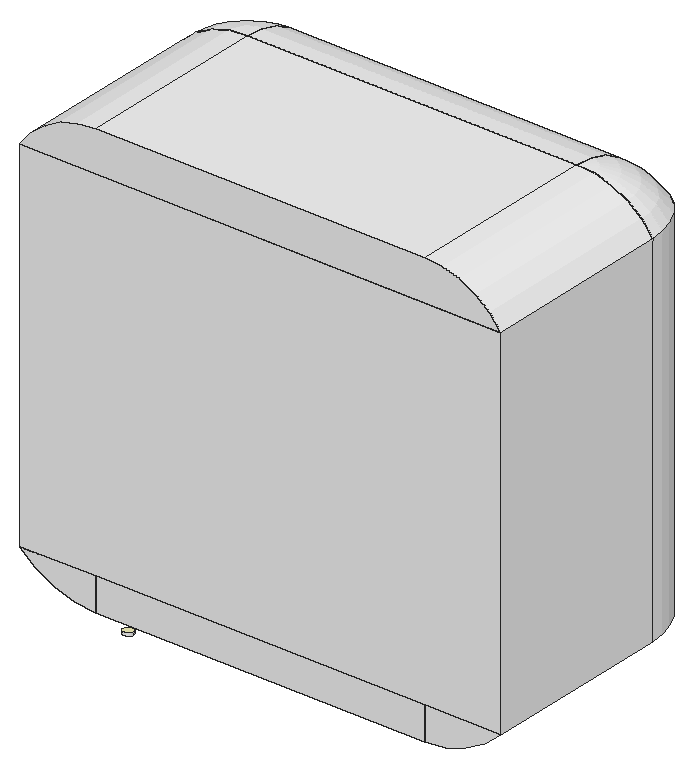
Revit family
Parameters
  Wattage = 2300
  Warranty Duration (Years) = 0
  Voltage = 208
  Upper and Lower Cover Material = ARCAT - Plastic, ABS - White
  Trim Material = ARCAT - Metal - Brass, Polished
  Test Data = ""
  Specification = "http://www.arcat.com/divs/sec/sec10811.shtml"
  Source Company = "Sumex Design"  # constant formula
  Sales Information = ""
  Product Properties = "http://www.arcat.com/bim/bim_info.pl?fn=Hand-Dryer"
  Product Data = "http://www.arcat.com/divs/sec/sec10811.shtml"
  Mounting Height = 3' - 6"
  Motor RPM = 7500
  Motor HP = 0.1
  Model = "Generic"
  Manufacturer Website = ""
  Manufacturer Phone - Toll Free = ""
  Manufacturer Phone = "(203) 929-9444"  # constant formula
  Manufacturer Fax = "(203) 939-2444"  # constant formula
  Manufacturer Email = "bim@arcat.com"  # constant formula
  Manufacturer Address = "1077 Bridgeport Ave, Shelton, CT  06484"  # constant formula
  Manufacturer = "Generic"
  Maintenance Schedule (Months) = 0
  Keynote = "10800"
  Installation-Fabrication = ""
  Installation Phase = "Interior Finishes"
  Green Building-LEED = ""
  Front Cover Material = ARCAT - Metal - Cast Iron, 1/4" Plate
  Expected Lifespan (Years) = 0
  Drying Cycle = "20 Seconds"
  Drawn By = "Robert S. Weygant. CSI, CDT, SCIP"  # constant formula
  Description = "Commercial Bathroom Hand Dryer"
  Copyright = "2007, ARCAT, Inc."  # constant formula
  Construction Details = "http://www.arcat.com/divs/sec/sec10811.shtml"
  Building Codes = ""
  Assembly Code = "C1030200"
  Airflow (LFM) = 7300
  Air Outlet = "{Fixed Nozzle}{Rotating Nozzle}"
Reference planes (in)
  plane 1: z = 0
  plane 2 "Center (Left/Right)": x = 0
  plane 3 "Back": y = 3
  plane 4: z = 42
  plane 5: z = 0
  plane 6: z = 40.99645
  plane 7: z = 40.99645
Forms (in)
  Extrusion 1, solid, material "ARCAT - Metal - Brass, Polished" <- "Trim Material", not visible
    sketch origin (-18.15679, 15.66963, -0.99327) x (-1, 0, 0) y (0, -0.991996, 0.126269)
      loop
        circle (-5.44009, 11.3071) r 0.125
    from 0 to 0.0625
  Revolve 2, solid, material "ARCAT - Metal - Brass, Polished" <- "Trim Material", not visible
    sketch origin (-5.44032, 15.66913, -0.99321) x (0, -0.991996, 0.126269) y (0, -0.126269, -0.991996)
      loop
        line (11.43813, 0.39171) -> (11.31401, 0.37591) -> (11.32557, 0.28512) -> (11.3735, 0.29122)
        arc (11.3735, 0.29122) -> (11.41255, 0.33714) -> (11.43813, 0.39171) r 0.22699
      axis (11.31401, 0.37591) -> (11.32557, 0.28512)
    angle from 0 to 90
  Revolve 3, solid, material "ARCAT - Metal - Brass, Polished" <- "Trim Material", not visible
    sketch origin (-5.44032, 6.94409, 0.11739) x (0, 0.991996, -0.126269) y (0, 0.126269, 0.991996)
      loop
        arc (-2.39444, -0.36011) -> (-2.43288, -0.31369) -> (-2.48218, -0.27901) r 0.22699
        line (-2.48218, -0.27901) -> (-2.53012, -0.28512) -> (-2.51856, -0.37591) -> (-2.39444, -0.36011)
      axis (-2.51856, -0.37591) -> (-2.53012, -0.28512)
    angle from 0 to 90
  Revolve 4, solid, material "ARCAT - Metal - Brass, Polished" <- "Trim Material", not visible
    sketch origin (-5.44032, 6.94409, 0.11739) x (0, 0.991996, -0.126269) y (0, -0.126269, -0.991996)
      loop
        line (-2.39444, 0.36011) -> (-2.51856, 0.37591) -> (-2.53012, 0.28512) -> (-2.48218, 0.27901)
        arc (-2.48218, 0.27901) -> (-2.43288, 0.31369) -> (-2.39444, 0.36011) r 0.22699
      axis (-2.51856, 0.37591) -> (-2.53012, 0.28512)
    angle from 0 to 90
  Revolve 5, solid, material "ARCAT - Metal - Brass, Polished" <- "Trim Material", not visible
    sketch origin (-5.44032, 15.66913, -0.99321) x (0, -0.991996, 0.126269) y (0, 0.126269, 0.991996)
      loop
        line (11.3735, -0.29122) -> (11.32557, -0.28512) -> (11.31401, -0.37591) -> (11.43813, -0.39171)
        arc (11.43813, -0.39171) -> (11.41255, -0.33714) -> (11.3735, -0.29122) r 0.22699
      axis (11.31401, -0.37591) -> (11.32557, -0.28512)
    angle from 0 to 90
  Extrusion 6, solid, material "ARCAT - Metal - Cast Iron, 1/4" Plate" <- "Front Cover Material", not visible
    sketch origin (0, 0, 0) x (1, 0, 0) y (0, 1, 0)
      loop
        line (-12, 3) -> (0, 3) -> (0, 7.75)
        arc (0, 7.75) -> (-0.55298, 9.08501) -> (-1.88798, 9.63798) r 1.88798
        line (-1.88798, 9.63798) -> (-10.11202, 9.63798)
        arc (-10.11202, 9.63798) -> (-11.44702, 9.08501) -> (-12, 7.75) r 1.88798
        line (-12, 7.75) -> (-12, 3)
    from 0 to 9
  Extrusion 7, solid, material "ARCAT - Plastic, ABS - White" <- "Upper and Lower Cover Material", not visible
    sketch origin (0, 1.75, -48) x (1, 0, 0) y (0, 0, -1)
      loop
        line (0, -57) -> (-12, -57)
        arc (-12, -57) -> (-11.18592, -57.74528) -> (-10.11202, -58) r 2.19441
        line (-10.11202, -58) -> (-1.88798, -58)
        arc (-1.88798, -58) -> (-0.81408, -57.74528) -> (0, -57) r 2.19441
    from 1.25 to 6
  Extrusion 8, solid, material "ARCAT - Plastic, ABS - White" <- "Upper and Lower Cover Material", not visible
    sketch origin (-10.11202, 0, -48) x (0, -1, 0) y (0, 0, -1)
      loop
        line (-7.75, -58.0005) -> (-7.75, -57) -> (-9.63798, -57)
        arc (-9.63798, -57) -> (-8.82385, -57.74531) -> (-7.75, -58.0005) r 2.19638
    from 0 to 8.22404
  Revolve 9, solid, material "ARCAT - Plastic, ABS - White" <- "Upper and Lower Cover Material", not visible
    sketch origin (0, 7.75, -48) x (1, 0, 0) y (0, 0, 1)
      loop
        line (-1.88798, 58.0005) -> (-1.88798, 57) -> (0, 57)
        arc (0, 57) -> (-0.81413, 57.74531) -> (-1.88798, 58.0005) r 2.19638
      axis (-1.88798, 57) -> (-1.88798, 58.0005)
    angle from 0 to 90
  Revolve 10, solid, material "ARCAT - Plastic, ABS - White" <- "Upper and Lower Cover Material", not visible
    sketch origin (-12, 7.75, -48) x (-1, 0, 0) y (0, 0, -1)
      loop
        arc (-1.88798, -58.0005) -> (-0.81413, -57.74531) -> (0, -57) r 2.19638
        line (0, -57) -> (-1.88798, -57) -> (-1.88798, -58.0005)
      axis (-1.88798, -57) -> (-1.88798, -58.0005)
    angle from 0 to 90
  Extrusion 11, solid, material "ARCAT - Plastic, ABS - White" <- "Upper and Lower Cover Material", not visible
    sketch origin (-12, 0, -48) x (0, -1, 0) y (0, 0, -1)
      loop
        line (-3, -48) -> (-3, -47.181) -> (-7.75, -47.375)
        arc (-7.75, -47.375) -> (-8.73785, -47.55502) -> (-9.63798, -48) r 3.6124
        line (-9.63798, -48) -> (-3, -48)
    from 1.88798 to 10.11202
  Blend 12, solid, material "ARCAT - Plastic, ABS - White" <- "Upper and Lower Cover Material", not visible
    base sketch origin (0, 8, -48) x (1, 0, 0) y (0, 0, 1)
      loop
        line (0, 48) -> (-1.88798, 48) -> (-1.88798, 47.375)
        arc (-1.88798, 47.375) -> (-0.90442, 47.56797) -> (0, 48) r 3.98946
    top sketch origin (0, 8, -48) x (1, 0, 0) y (0, 0, 1)
      loop
        line (0, 48) -> (-1.88798, 48) -> (-1.88798, 47.181)
        arc (-1.88798, 47.181) -> (-0.861, 47.3992) -> (0, 48) r 2.64304
    from 0.25 to 5
  Revolve 13, solid, material "ARCAT - Plastic, ABS - White" <- "Upper and Lower Cover Material", not visible
    sketch origin (0, 7.75, -48) x (1, 0, 0) y (0, 0, 1)
      loop
        line (0, 48) -> (-1.88798, 48) -> (-1.88798, 47.375)
        arc (-1.88798, 47.375) -> (-0.90442, 47.56797) -> (0, 48) r 3.98946
      axis (-1.88798, 47.375) -> (-1.88798, 48)
    angle from 0 to 90
  Blend 14, solid, material "ARCAT - Plastic, ABS - White" <- "Upper and Lower Cover Material", not visible
    base sketch origin (-12, 8, -48) x (-1, 0, 0) y (0, 0, -1)
      loop
        arc (0, -48) -> (-0.90442, -47.56797) -> (-1.88798, -47.375) r 3.98946
        line (-1.88798, -47.375) -> (-1.88798, -48) -> (0, -48)
    top sketch origin (-12, 8, -48) x (-1, 0, 0) y (0, 0, -1)
      loop
        arc (0, -48) -> (-0.861, -47.3992) -> (-1.88798, -47.181) r 2.64304
        line (-1.88798, -47.181) -> (-1.88798, -48) -> (0, -48)
    from 0.25 to 5
  Revolve 15, solid, material "ARCAT - Plastic, ABS - White" <- "Upper and Lower Cover Material", not visible
    sketch origin (-12, 7.75, -48) x (-1, 0, 0) y (0, 0, -1)
      loop
        arc (0, -48) -> (-0.90442, -47.56797) -> (-1.88798, -47.375) r 3.98946
        line (-1.88798, -47.375) -> (-1.88798, -48) -> (0, -48)
      axis (-1.88798, -47.375) -> (-1.88798, -48)
    angle from 0 to 90
  Extrusion 16, void, not visible
    sketch origin (0, 7.54583, -48.00519) x (1, 0, 0) y (0, -0.040808, 0.999167)
      loop
        line (-2.1541, 47.33239) -> (-2.1541, 47.41731) -> (-9.9041, 47.41731) -> (-9.9041, 47.33239) -> (-2.1541, 47.33239)
    from 0 to 0.125
  Extrusion 17, void, not visible
    sketch origin (0, 6.92557, -48.03052) x (1, 0, 0) y (0, -0.040808, 0.999167)
      loop
        line (-2.1541, 47.33239) -> (-2.1541, 47.41731) -> (-9.9041, 47.41731) -> (-9.9041, 47.33239) -> (-2.1541, 47.33239)
    from 0 to 0.125
  Extrusion 18, void, not visible
    sketch origin (0, 6.3053, -48.05585) x (1, 0, 0) y (0, -0.040808, 0.999167)
      loop
        line (-2.1541, 47.33239) -> (-2.1541, 47.41731) -> (-9.9041, 47.41731) -> (-9.9041, 47.33239) -> (-2.1541, 47.33239)
    from 0 to 0.125
  Extrusion 19, void, not visible
    sketch origin (0, 5.68503, -48.08119) x (1, 0, 0) y (0, -0.040808, 0.999167)
      loop
        line (-2.1541, 47.33239) -> (-2.1541, 47.41731) -> (-9.9041, 47.41731) -> (-9.9041, 47.33239) -> (-2.1541, 47.33239)
    from 0 to 0.125
  Extrusion 20, void, not visible
    sketch origin (0, 5.9878, -48.06882) x (1, 0, 0) y (0, -0.040808, 0.999167)
      loop
        line (-2.1541, 47.33239) -> (-2.1541, 47.41731) -> (-9.9041, 47.41731) -> (-9.9041, 47.33239) -> (-2.1541, 47.33239)
    from 0 to 0.125
  Extrusion 21, void, not visible
    sketch origin (0, 7.24307, -48.01755) x (1, 0, 0) y (0, -0.040808, 0.999167)
      loop
        line (-2.1541, 47.33239) -> (-2.1541, 47.41731) -> (-9.9041, 47.41731) -> (-9.9041, 47.33239) -> (-2.1541, 47.33239)
    from 0 to 0.125
  Extrusion 22, void, not visible
    sketch origin (0, 6.6228, -48.04289) x (1, 0, 0) y (0, -0.040808, 0.999167)
      loop
        line (-2.1541, 47.33239) -> (-2.1541, 47.41731) -> (-9.9041, 47.41731) -> (-9.9041, 47.33239) -> (-2.1541, 47.33239)
    from 0 to 0.125
  Extrusion 23, solid, material "ARCAT - Metal - Brass, Polished" <- "Trim Material", not visible
    sketch origin (-15.07839, -7.85054, -0.52193) x (-1, 0, 0) y (0, 0.997997, -0.063261)
      loop
        circle (-5.44009, 11.3071) r 0.125
    from 0 to 0.0625
  Revolve 24, solid, material "ARCAT - Metal - Brass, Polished" <- "Trim Material", not visible
    sketch origin (-2.36193, -7.85004, -0.52197) x (0, 0.997997, -0.063261) y (0, 0.063261, 0.997997)
      loop
        line (11.43813, 0.39171) -> (11.31401, 0.37591) -> (11.32557, 0.28512) -> (11.3735, 0.29122)
        arc (11.3735, 0.29122) -> (11.41255, 0.33714) -> (11.43813, 0.39171) r 0.22699
      axis (11.31401, 0.37591) -> (11.32557, 0.28512)
    angle from 0 to 90
  Revolve 25, solid, material "ARCAT - Metal - Brass, Polished" <- "Trim Material", not visible
    sketch origin (-2.36193, 0.92778, -1.07838) x (0, -0.997997, 0.063261) y (0, -0.063261, -0.997997)
      loop
        arc (-2.39444, -0.36011) -> (-2.43288, -0.31369) -> (-2.48218, -0.27901) r 0.22699
        line (-2.48218, -0.27901) -> (-2.53012, -0.28512) -> (-2.51856, -0.37591) -> (-2.39444, -0.36011)
      axis (-2.51856, -0.37591) -> (-2.53012, -0.28512)
    angle from 0 to 90
  Revolve 26, solid, material "ARCAT - Metal - Brass, Polished" <- "Trim Material", not visible
    sketch origin (-2.36193, 0.92778, -1.07838) x (0, -0.997997, 0.063261) y (0, 0.063261, 0.997997)
      loop
        line (-2.39444, 0.36011) -> (-2.51856, 0.37591) -> (-2.53012, 0.28512) -> (-2.48218, 0.27901)
        arc (-2.48218, 0.27901) -> (-2.43288, 0.31369) -> (-2.39444, 0.36011) r 0.22699
      axis (-2.51856, 0.37591) -> (-2.53012, 0.28512)
    angle from 0 to 90
  Revolve 27, solid, material "ARCAT - Metal - Brass, Polished" <- "Trim Material", not visible
    sketch origin (-2.36193, -7.85004, -0.52197) x (0, 0.997997, -0.063261) y (0, -0.063261, -0.997997)
      loop
        arc (11.43813, -0.39171) -> (11.41255, -0.33714) -> (11.3735, -0.29122) r 0.22699
        line (11.3735, -0.29122) -> (11.32557, -0.28512) -> (11.31401, -0.37591) -> (11.43813, -0.39171)
      axis (11.31401, -0.37591) -> (11.32557, -0.28512)
    angle from 0 to 90
  Extrusion 28, solid, material "ARCAT - Metal - Brass, Polished" <- "Trim Material", not visible
    sketch origin (3.07839, 7.85054, -0.52193) x (1, 0, 0) y (0, -0.997997, -0.063261)
      loop
        circle (-5.44009, 4.39772) r 0.125
    from 0 to 0.0625
  Revolve 29, solid, material "ARCAT - Metal - Brass, Polished" <- "Trim Material", not visible
    sketch origin (-9.63807, 7.85004, -0.52197) x (0, -0.997997, -0.063261) y (0, -0.063261, 0.997997)
      loop
        arc (4.2726, -0.0625) -> (4.30487, -0.11341) -> (4.3494, -0.15403) r 0.22699
        line (4.3494, -0.15403) -> (4.39772, -0.15403) -> (4.39772, -0.0625) -> (4.2726, -0.0625)
      axis (4.39772, -0.0625) -> (4.39772, -0.15403)
    angle from 0 to 90
  Revolve 30, solid, material "ARCAT - Metal - Brass, Polished" <- "Trim Material", not visible
    sketch origin (-9.63807, -0.92778, -1.07838) x (0, 0.997997, 0.063261) y (0, 0.063261, -0.997997)
      loop
        line (4.2726, 0.0625) -> (4.39772, 0.0625) -> (4.39772, 0.15403) -> (4.3494, 0.15403)
        arc (4.3494, 0.15403) -> (4.30487, 0.11341) -> (4.2726, 0.0625) r 0.22699
      axis (4.39772, 0.0625) -> (4.39772, 0.15403)
    angle from 0 to 90
  Revolve 31, solid, material "ARCAT - Metal - Brass, Polished" <- "Trim Material", not visible
    sketch origin (-9.63807, -0.92778, -1.07838) x (0, 0.997997, 0.063261) y (0, -0.063261, 0.997997)
      loop
        arc (4.2726, -0.0625) -> (4.30487, -0.11341) -> (4.3494, -0.15403) r 0.22699
        line (4.3494, -0.15403) -> (4.39772, -0.15403) -> (4.39772, -0.0625) -> (4.2726, -0.0625)
      axis (4.39772, -0.0625) -> (4.39772, -0.15403)
    angle from 0 to 90
  Revolve 32, solid, material "ARCAT - Metal - Brass, Polished" <- "Trim Material", not visible
    sketch origin (-9.63807, 7.85004, -0.52197) x (0, -0.997997, -0.063261) y (0, 0.063261, -0.997997)
      loop
        line (4.2726, 0.0625) -> (4.39772, 0.0625) -> (4.39772, 0.15403) -> (4.3494, 0.15403)
        arc (4.3494, 0.15403) -> (4.30487, 0.11341) -> (4.2726, 0.0625) r 0.22699
      axis (4.39772, 0.0625) -> (4.39772, 0.15403)
    angle from 0 to 90
  Extrusion 33, solid, material "ARCAT - Metal - Brass, Polished" <- "Trim Material", not visible
    sketch origin (0.5, 9.76298, -48) x (1, 0, 0) y (0, 0, 1)
      loop
        circle (-9.39774, 50.86106) r 1
    from 0 to 0.125
  Revolve 34, solid, material "ARCAT - Metal - Brass, Polished" <- "Trim Material", not visible
    sketch origin (0, 0.5, 2.86106) x (1, 0, 0) y (0, 1, 0)
      loop
        line (-9.89774, 9.76298) -> (-8.89774, 9.76298) -> (-8.89774, 10.01298)
        arc (-8.89774, 10.01298) -> (-9.41496, 9.95684) -> (-9.89774, 9.76298) r 1.90671
      axis (-8.89774, 9.76298) -> (-8.89774, 10.01298)
    angle from 0 to 360
  Extrusion 35, solid, material "ARCAT - Metal - Brass, Polished" <- "Trim Material", not visible
    sketch origin (-1, 10.26299, -48) x (1, 0, 0) y (0, 0, 1)
      loop
        circle (-7.89774, 50.86106) r 1
    from 0 to 0.25
  Extrusion 36, solid, material "ARCAT - Metal - Brass, Polished" <- "Trim Material", not visible
    sketch origin (0, 10.01298, -47) x (1, 0, 0) y (0, 0, 1)
      loop
        circle (-8.89774, 49.86106) r 0.5
    from 0 to 0.25
  Blend 37, solid, material "ARCAT - Metal - Brass, Polished" <- "Trim Material", not visible
    base sketch origin (0, 0, 1.5625) x (1, 0, 0) y (0, 1, 0)
      loop
        line (-5.27732, 9.89697) -> (-3.02758, 9.89697)
        arc (-3.02758, 9.89697) -> (-4.15245, 11.95152) -> (-5.27732, 9.89697) r 1.33521
    top sketch origin (0, 0, 1.5625) x (1, 0, 0) y (0, 1, 0)
      loop
        line (-5.86202, 9.63798) -> (-2.36202, 9.63798)
        arc (-2.36202, 9.63798) -> (-4.11202, 11.38798) -> (-5.86202, 9.63798) r 1.75
    from 0 to 3
  Revolve 38, solid, material "ARCAT - Metal - Brass, Polished" <- "Trim Material", not visible
    sketch origin (0, 9.63798, -48) x (1, 0, 0) y (0, 0, 1)
      loop
        arc (-2.36202, 52.5625) -> (-3.09369, 53.38816) -> (-4.11202, 53.8125) r 2.46774
        line (-4.11202, 53.8125) -> (-4.11202, 52.5625) -> (-2.36202, 52.5625)
      axis (-4.11202, 52.5625) -> (-4.11202, 53.8125)
    angle from 0 to 180
  Extrusion 39, solid, material "ARCAT - Metal - Cast Iron, 1/4" Plate" <- "Front Cover Material"
    sketch origin (6.50727, 0, 42) x (1, 0, 0) y (0, 1, 0)
      loop
        line (-12, 3) -> (0, 3) -> (0, 7.75)
        arc (0, 7.75) -> (-0.55298, 9.08501) -> (-1.88798, 9.63798) r 1.88798
        line (-1.88798, 9.63798) -> (-10.11202, 9.63798)
        arc (-10.11202, 9.63798) -> (-11.44702, 9.08501) -> (-12, 7.75) r 1.88798
        line (-12, 7.75) -> (-12, 3)
    from 0 to 9
  Extrusion 40, solid, material "ARCAT - Plastic, ABS - White" <- "Upper and Lower Cover Material"
    sketch origin (6.50727, 1.75, -6) x (1, 0, 0) y (0, 0, -1)
      loop
        line (0, -57) -> (-12, -57)
        arc (-12, -57) -> (-11.18592, -57.74528) -> (-10.11202, -58) r 2.19441
        line (-10.11202, -58) -> (-1.88798, -58)
        arc (-1.88798, -58) -> (-0.81408, -57.74528) -> (0, -57) r 2.19441
    from 1.25 to 6
  Extrusion 41, solid, material "ARCAT - Plastic, ABS - White" <- "Upper and Lower Cover Material"
    sketch origin (-3.60475, 0, -6) x (0, -1, 0) y (0, 0, -1)
      loop
        line (-7.75, -58.0005) -> (-7.75, -57) -> (-9.63798, -57)
        arc (-9.63798, -57) -> (-8.82385, -57.74531) -> (-7.75, -58.0005) r 2.19638
    from 0 to 8.22404
  Revolve 42, solid, material "ARCAT - Plastic, ABS - White" <- "Upper and Lower Cover Material"
    sketch origin (6.50727, 7.75, -6) x (1, 0, 0) y (0, 0, 1)
      loop
        line (-1.88798, 58.0005) -> (-1.88798, 57) -> (0, 57)
        arc (0, 57) -> (-0.81413, 57.74531) -> (-1.88798, 58.0005) r 2.19638
      axis (-1.88798, 57) -> (-1.88798, 58.0005)
    angle from 0 to 90
  Revolve 43, solid, material "ARCAT - Plastic, ABS - White" <- "Upper and Lower Cover Material"
    sketch origin (-5.49273, 7.75, -6) x (-1, 0, 0) y (0, 0, -1)
      loop
        arc (-1.88798, -58.0005) -> (-0.81413, -57.74531) -> (0, -57) r 2.19638
        line (0, -57) -> (-1.88798, -57) -> (-1.88798, -58.0005)
      axis (-1.88798, -57) -> (-1.88798, -58.0005)
    angle from 0 to 90
  Extrusion 44, solid, material "ARCAT - Plastic, ABS - White" <- "Upper and Lower Cover Material"
    sketch origin (-5.49273, 0, -6) x (0, -1, 0) y (0, 0, -1)
      loop
        line (-3, -48) -> (-3, -47.181) -> (-7.75, -47.375)
        arc (-7.75, -47.375) -> (-8.73785, -47.55502) -> (-9.63798, -48) r 3.6124
        line (-9.63798, -48) -> (-3, -48)
    from 1.88798 to 10.11202
  Blend 45, solid, material "ARCAT - Plastic, ABS - White" <- "Upper and Lower Cover Material"
    base sketch origin (6.50727, 8, -6) x (1, 0, 0) y (0, 0, 1)
      loop
        line (0, 48) -> (-1.88798, 48) -> (-1.88798, 47.375)
        arc (-1.88798, 47.375) -> (-0.90442, 47.56797) -> (0, 48) r 3.98946
    top sketch origin (6.50727, 8, -6) x (1, 0, 0) y (0, 0, 1)
      loop
        line (0, 48) -> (-1.88798, 48) -> (-1.88798, 47.181)
        arc (-1.88798, 47.181) -> (-0.861, 47.3992) -> (0, 48) r 2.64304
    from 0.25 to 5
  Revolve 46, solid, material "ARCAT - Plastic, ABS - White" <- "Upper and Lower Cover Material"
    sketch origin (6.50727, 7.75, -6) x (1, 0, 0) y (0, 0, 1)
      loop
        line (0, 48) -> (-1.88798, 48) -> (-1.88798, 47.375)
        arc (-1.88798, 47.375) -> (-0.90442, 47.56797) -> (0, 48) r 3.98946
      axis (-1.88798, 47.375) -> (-1.88798, 48)
    angle from 0 to 90
  Blend 47, solid, material "ARCAT - Plastic, ABS - White" <- "Upper and Lower Cover Material"
    base sketch origin (-5.49273, 8, -6) x (-1, 0, 0) y (0, 0, -1)
      loop
        arc (0, -48) -> (-0.90442, -47.56797) -> (-1.88798, -47.375) r 3.98946
        line (-1.88798, -47.375) -> (-1.88798, -48) -> (0, -48)
    top sketch origin (-5.49273, 8, -6) x (-1, 0, 0) y (0, 0, -1)
      loop
        arc (0, -48) -> (-0.861, -47.3992) -> (-1.88798, -47.181) r 2.64304
        line (-1.88798, -47.181) -> (-1.88798, -48) -> (0, -48)
    from 0.25 to 5
  Revolve 48, solid, material "ARCAT - Plastic, ABS - White" <- "Upper and Lower Cover Material"
    sketch origin (-5.49273, 7.75, -6) x (-1, 0, 0) y (0, 0, -1)
      loop
        arc (0, -48) -> (-0.90442, -47.56797) -> (-1.88798, -47.375) r 3.98946
        line (-1.88798, -47.375) -> (-1.88798, -48) -> (0, -48)
      axis (-1.88798, -47.375) -> (-1.88798, -48)
    angle from 0 to 90
  Extrusion 49, void
    sketch origin (6.50727, 7.54583, -6.00519) x (1, 0, 0) y (0, -0.040808, 0.999167)
      loop
        line (-2.1541, 47.33239) -> (-2.1541, 47.41731) -> (-9.9041, 47.41731) -> (-9.9041, 47.33239) -> (-2.1541, 47.33239)
    from 0 to 0.125
  Extrusion 50, void
    sketch origin (6.50727, 6.92557, -6.03052) x (1, 0, 0) y (0, -0.040808, 0.999167)
      loop
        line (-2.1541, 47.33239) -> (-2.1541, 47.41731) -> (-9.9041, 47.41731) -> (-9.9041, 47.33239) -> (-2.1541, 47.33239)
    from 0 to 0.125
  Extrusion 51, void
    sketch origin (6.50727, 6.3053, -6.05585) x (1, 0, 0) y (0, -0.040808, 0.999167)
      loop
        line (-2.1541, 47.33239) -> (-2.1541, 47.41731) -> (-9.9041, 47.41731) -> (-9.9041, 47.33239) -> (-2.1541, 47.33239)
    from 0 to 0.125
  Extrusion 52, void
    sketch origin (6.50727, 5.68503, -6.08119) x (1, 0, 0) y (0, -0.040808, 0.999167)
      loop
        line (-2.1541, 47.33239) -> (-2.1541, 47.41731) -> (-9.9041, 47.41731) -> (-9.9041, 47.33239) -> (-2.1541, 47.33239)
    from 0 to 0.125
  Extrusion 53, void
    sketch origin (6.50727, 5.9878, -6.06882) x (1, 0, 0) y (0, -0.040808, 0.999167)
      loop
        line (-2.1541, 47.33239) -> (-2.1541, 47.41731) -> (-9.9041, 47.41731) -> (-9.9041, 47.33239) -> (-2.1541, 47.33239)
    from 0 to 0.125
  Extrusion 54, void
    sketch origin (6.50727, 7.24307, -6.01755) x (1, 0, 0) y (0, -0.040808, 0.999167)
      loop
        line (-2.1541, 47.33239) -> (-2.1541, 47.41731) -> (-9.9041, 47.41731) -> (-9.9041, 47.33239) -> (-2.1541, 47.33239)
    from 0 to 0.125
  Extrusion 55, void
    sketch origin (6.50727, 6.6228, -6.04289) x (1, 0, 0) y (0, -0.040808, 0.999167)
      loop
        line (-2.1541, 47.33239) -> (-2.1541, 47.41731) -> (-9.9041, 47.41731) -> (-9.9041, 47.33239) -> (-2.1541, 47.33239)
    from 0 to 0.125
  Extrusion 56, solid, material "ARCAT - Metal - Brass, Polished" <- "Trim Material"
    sketch origin (-8.57113, -7.85054, 41.47807) x (-1, 0, 0) y (0, 0.997997, -0.063261)
      loop
        circle (-5.44009, 11.3071) r 0.125
    from 0 to 0.0625
  Revolve 57, solid, material "ARCAT - Metal - Brass, Polished" <- "Trim Material"
    sketch origin (4.14534, -7.85004, 41.47803) x (0, 0.997997, -0.063261) y (0, 0.063261, 0.997997)
      loop
        line (11.43813, 0.39171) -> (11.31401, 0.37591) -> (11.32557, 0.28512) -> (11.3735, 0.29122)
        arc (11.3735, 0.29122) -> (11.41255, 0.33714) -> (11.43813, 0.39171) r 0.22699
      axis (11.31401, 0.37591) -> (11.32557, 0.28512)
    angle from 0 to 90
  Revolve 58, solid, material "ARCAT - Metal - Brass, Polished" <- "Trim Material"
    sketch origin (4.14534, 0.92778, 40.92162) x (0, -0.997997, 0.063261) y (0, -0.063261, -0.997997)
      loop
        arc (-2.39444, -0.36011) -> (-2.43288, -0.31369) -> (-2.48218, -0.27901) r 0.22699
        line (-2.48218, -0.27901) -> (-2.53012, -0.28512) -> (-2.51856, -0.37591) -> (-2.39444, -0.36011)
      axis (-2.51856, -0.37591) -> (-2.53012, -0.28512)
    angle from 0 to 90
  Revolve 59, solid, material "ARCAT - Metal - Brass, Polished" <- "Trim Material"
    sketch origin (4.14534, 0.92778, 40.92162) x (0, -0.997997, 0.063261) y (0, 0.063261, 0.997997)
      loop
        line (-2.39444, 0.36011) -> (-2.51856, 0.37591) -> (-2.53012, 0.28512) -> (-2.48218, 0.27901)
        arc (-2.48218, 0.27901) -> (-2.43288, 0.31369) -> (-2.39444, 0.36011) r 0.22699
      axis (-2.51856, 0.37591) -> (-2.53012, 0.28512)
    angle from 0 to 90
  Revolve 60, solid, material "ARCAT - Metal - Brass, Polished" <- "Trim Material"
    sketch origin (4.14534, -7.85004, 41.47803) x (0, 0.997997, -0.063261) y (0, -0.063261, -0.997997)
      loop
        arc (11.43813, -0.39171) -> (11.41255, -0.33714) -> (11.3735, -0.29122) r 0.22699
        line (11.3735, -0.29122) -> (11.32557, -0.28512) -> (11.31401, -0.37591) -> (11.43813, -0.39171)
      axis (11.31401, -0.37591) -> (11.32557, -0.28512)
    angle from 0 to 90
  Extrusion 61, solid, material "ARCAT - Metal - Brass, Polished" <- "Trim Material"
    sketch origin (9.58566, 7.85054, 41.47807) x (1, 0, 0) y (0, -0.997997, -0.063261)
      loop
        circle (-5.44009, 4.39772) r 0.125
    from 0 to 0.0625
  Revolve 62, solid, material "ARCAT - Metal - Brass, Polished" <- "Trim Material"
    sketch origin (-3.13081, 7.85004, 41.47803) x (0, -0.997997, -0.063261) y (0, -0.063261, 0.997997)
      loop
        arc (4.2726, -0.0625) -> (4.30487, -0.11341) -> (4.3494, -0.15403) r 0.22699
        line (4.3494, -0.15403) -> (4.39772, -0.15403) -> (4.39772, -0.0625) -> (4.2726, -0.0625)
      axis (4.39772, -0.0625) -> (4.39772, -0.15403)
    angle from 0 to 90
  Revolve 63, solid, material "ARCAT - Metal - Brass, Polished" <- "Trim Material"
    sketch origin (-3.13081, -0.92778, 40.92162) x (0, 0.997997, 0.063261) y (0, 0.063261, -0.997997)
      loop
        line (4.2726, 0.0625) -> (4.39772, 0.0625) -> (4.39772, 0.15403) -> (4.3494, 0.15403)
        arc (4.3494, 0.15403) -> (4.30487, 0.11341) -> (4.2726, 0.0625) r 0.22699
      axis (4.39772, 0.0625) -> (4.39772, 0.15403)
    angle from 0 to 90
  Revolve 64, solid, material "ARCAT - Metal - Brass, Polished" <- "Trim Material"
    sketch origin (-3.13081, -0.92778, 40.92162) x (0, 0.997997, 0.063261) y (0, -0.063261, 0.997997)
      loop
        arc (4.2726, -0.0625) -> (4.30487, -0.11341) -> (4.3494, -0.15403) r 0.22699
        line (4.3494, -0.15403) -> (4.39772, -0.15403) -> (4.39772, -0.0625) -> (4.2726, -0.0625)
      axis (4.39772, -0.0625) -> (4.39772, -0.15403)
    angle from 0 to 90
  Revolve 65, solid, material "ARCAT - Metal - Brass, Polished" <- "Trim Material"
    sketch origin (-3.13081, 7.85004, 41.47803) x (0, -0.997997, -0.063261) y (0, 0.063261, -0.997997)
      loop
        line (4.2726, 0.0625) -> (4.39772, 0.0625) -> (4.39772, 0.15403) -> (4.3494, 0.15403)
        arc (4.3494, 0.15403) -> (4.30487, 0.11341) -> (4.2726, 0.0625) r 0.22699
      axis (4.39772, 0.0625) -> (4.39772, 0.15403)
    angle from 0 to 90
  Extrusion 66, solid, material "ARCAT - Metal - Brass, Polished" <- "Trim Material"
    sketch origin (7.00727, 9.76298, -6) x (1, 0, 0) y (0, 0, 1)
      loop
        circle (-9.39774, 50.86106) r 1
    from 0 to 0.125
  Revolve 67, solid, material "ARCAT - Metal - Brass, Polished" <- "Trim Material"
    sketch origin (6.50727, 0.5, 44.86106) x (1, 0, 0) y (0, 1, 0)
      loop
        line (-9.89774, 9.76298) -> (-8.89774, 9.76298) -> (-8.89774, 10.01298)
        arc (-8.89774, 10.01298) -> (-9.41496, 9.95684) -> (-9.89774, 9.76298) r 1.90671
      axis (-8.89774, 9.76298) -> (-8.89774, 10.01298)
    angle from 0 to 360
  Extrusion 68, solid, material "ARCAT - Metal - Brass, Polished" <- "Trim Material"
    sketch origin (5.50727, 10.26299, -6) x (1, 0, 0) y (0, 0, 1)
      loop
        circle (-7.89774, 50.86106) r 1
    from 0 to 0.25
  Extrusion 69, solid, material "ARCAT - Metal - Brass, Polished" <- "Trim Material"
    sketch origin (6.50727, 10.01298, -5) x (1, 0, 0) y (0, 0, 1)
      loop
        circle (-8.89774, 49.86106) r 0.5
    from 0 to 0.25
  Blend 70, solid, material "ARCAT - Metal - Brass, Polished" <- "Trim Material"
    base sketch origin (6.50727, 0, 43.5625) x (1, 0, 0) y (0, 1, 0)
      loop
        line (-5.27732, 9.89697) -> (-3.02758, 9.89697)
        arc (-3.02758, 9.89697) -> (-4.15245, 11.95152) -> (-5.27732, 9.89697) r 1.33521
    top sketch origin (6.50727, 0, 43.5625) x (1, 0, 0) y (0, 1, 0)
      loop
        line (-5.86202, 9.63798) -> (-2.36202, 9.63798)
        arc (-2.36202, 9.63798) -> (-4.11202, 11.38798) -> (-5.86202, 9.63798) r 1.75
    from 0 to 3
  Revolve 71, solid, material "ARCAT - Metal - Brass, Polished" <- "Trim Material"
    sketch origin (6.50727, 9.63798, -6) x (1, 0, 0) y (0, 0, 1)
      loop
        arc (-2.36202, 52.5625) -> (-3.09369, 53.38816) -> (-4.11202, 53.8125) r 2.46774
        line (-4.11202, 53.8125) -> (-4.11202, 52.5625) -> (-2.36202, 52.5625)
      axis (-4.11202, 52.5625) -> (-4.11202, 53.8125)
    angle from 0 to 180
  Extrusion 72, solid, material "ARCAT - Metal - Cast Iron, 1/4" Plate" <- "Front Cover Material", not visible
    sketch origin (6.50727, 0, 40.99645) x (1, 0, 0) y (0, 1, 0)
      loop
        line (-12, 3) -> (0, 3) -> (0, 7.75)
        arc (0, 7.75) -> (-0.55298, 9.08501) -> (-1.88798, 9.63798) r 1.88798
        line (-1.88798, 9.63798) -> (-10.11202, 9.63798)
        arc (-10.11202, 9.63798) -> (-11.44702, 9.08501) -> (-12, 7.75) r 1.88798
        line (-12, 7.75) -> (-12, 3)
    from 0 to 9
  Extrusion 73, solid, material "ARCAT - Plastic, ABS - White" <- "Upper and Lower Cover Material", not visible
    sketch origin (6.50727, 1.75, -7.00355) x (1, 0, 0) y (0, 0, -1)
      loop
        line (0, -57) -> (-12, -57)
        arc (-12, -57) -> (-11.18592, -57.74528) -> (-10.11202, -58) r 2.19441
        line (-10.11202, -58) -> (-1.88798, -58)
        arc (-1.88798, -58) -> (-0.81408, -57.74528) -> (0, -57) r 2.19441
    from 1.25 to 6
  Extrusion 74, solid, material "ARCAT - Plastic, ABS - White" <- "Upper and Lower Cover Material", not visible
    sketch origin (-3.60475, 0, -7.00355) x (0, -1, 0) y (0, 0, -1)
      loop
        line (-7.75, -58.0005) -> (-7.75, -57) -> (-9.63798, -57)
        arc (-9.63798, -57) -> (-8.82385, -57.74531) -> (-7.75, -58.0005) r 2.19638
    from 0 to 8.22404
  Revolve 75, solid, material "ARCAT - Plastic, ABS - White" <- "Upper and Lower Cover Material", not visible
    sketch origin (6.50727, 7.75, -7.00355) x (1, 0, 0) y (0, 0, 1)
      loop
        line (-1.88798, 58.0005) -> (-1.88798, 57) -> (0, 57)
        arc (0, 57) -> (-0.81413, 57.74531) -> (-1.88798, 58.0005) r 2.19638
      axis (-1.88798, 57) -> (-1.88798, 58.0005)
    angle from 0 to 90
  Revolve 76, solid, material "ARCAT - Plastic, ABS - White" <- "Upper and Lower Cover Material", not visible
    sketch origin (-5.49273, 7.75, -7.00355) x (-1, 0, 0) y (0, 0, -1)
      loop
        arc (-1.88798, -58.0005) -> (-0.81413, -57.74531) -> (0, -57) r 2.19638
        line (0, -57) -> (-1.88798, -57) -> (-1.88798, -58.0005)
      axis (-1.88798, -57) -> (-1.88798, -58.0005)
    angle from 0 to 90
  Extrusion 77, solid, material "ARCAT - Plastic, ABS - White" <- "Upper and Lower Cover Material", not visible
    sketch origin (-5.49273, 0, -7.00355) x (0, -1, 0) y (0, 0, -1)
      loop
        line (-3, -48) -> (-3, -47.181) -> (-7.75, -47.375)
        arc (-7.75, -47.375) -> (-8.73785, -47.55502) -> (-9.63798, -48) r 3.6124
        line (-9.63798, -48) -> (-3, -48)
    from 1.88798 to 10.11202
  Blend 78, solid, material "ARCAT - Plastic, ABS - White" <- "Upper and Lower Cover Material", not visible
    base sketch origin (6.50727, 8, -7.00355) x (1, 0, 0) y (0, 0, 1)
      loop
        line (0, 48) -> (-1.88798, 48) -> (-1.88798, 47.375)
        arc (-1.88798, 47.375) -> (-0.90442, 47.56797) -> (0, 48) r 3.98946
    top sketch origin (6.50727, 8, -7.00355) x (1, 0, 0) y (0, 0, 1)
      loop
        line (0, 48) -> (-1.88798, 48) -> (-1.88798, 47.181)
        arc (-1.88798, 47.181) -> (-0.861, 47.3992) -> (0, 48) r 2.64304
    from 0.25 to 5
  Revolve 79, solid, material "ARCAT - Plastic, ABS - White" <- "Upper and Lower Cover Material", not visible
    sketch origin (6.50727, 7.75, -7.00355) x (1, 0, 0) y (0, 0, 1)
      loop
        line (0, 48) -> (-1.88798, 48) -> (-1.88798, 47.375)
        arc (-1.88798, 47.375) -> (-0.90442, 47.56797) -> (0, 48) r 3.98946
      axis (-1.88798, 47.375) -> (-1.88798, 48)
    angle from 0 to 90
  Blend 80, solid, material "ARCAT - Plastic, ABS - White" <- "Upper and Lower Cover Material", not visible
    base sketch origin (-5.49273, 8, -7.00355) x (-1, 0, 0) y (0, 0, -1)
      loop
        arc (0, -48) -> (-0.90442, -47.56797) -> (-1.88798, -47.375) r 3.98946
        line (-1.88798, -47.375) -> (-1.88798, -48) -> (0, -48)
    top sketch origin (-5.49273, 8, -7.00355) x (-1, 0, 0) y (0, 0, -1)
      loop
        arc (0, -48) -> (-0.861, -47.3992) -> (-1.88798, -47.181) r 2.64304
        line (-1.88798, -47.181) -> (-1.88798, -48) -> (0, -48)
    from 0.25 to 5
  Revolve 81, solid, material "ARCAT - Plastic, ABS - White" <- "Upper and Lower Cover Material", not visible
    sketch origin (-5.49273, 7.75, -7.00355) x (-1, 0, 0) y (0, 0, -1)
      loop
        arc (0, -48) -> (-0.90442, -47.56797) -> (-1.88798, -47.375) r 3.98946
        line (-1.88798, -47.375) -> (-1.88798, -48) -> (0, -48)
      axis (-1.88798, -47.375) -> (-1.88798, -48)
    angle from 0 to 90
  Extrusion 82, void, not visible
    sketch origin (6.50727, 7.54583, -7.00874) x (1, 0, 0) y (0, -0.040808, 0.999167)
      loop
        line (-2.1541, 47.33239) -> (-2.1541, 47.41731) -> (-9.9041, 47.41731) -> (-9.9041, 47.33239) -> (-2.1541, 47.33239)
    from 0 to 0.125
  Extrusion 83, void, not visible
    sketch origin (6.50727, 6.92557, -7.03408) x (1, 0, 0) y (0, -0.040808, 0.999167)
      loop
        line (-2.1541, 47.33239) -> (-2.1541, 47.41731) -> (-9.9041, 47.41731) -> (-9.9041, 47.33239) -> (-2.1541, 47.33239)
    from 0 to 0.125
  Extrusion 84, void, not visible
    sketch origin (6.50727, 6.3053, -7.05941) x (1, 0, 0) y (0, -0.040808, 0.999167)
      loop
        line (-2.1541, 47.33239) -> (-2.1541, 47.41731) -> (-9.9041, 47.41731) -> (-9.9041, 47.33239) -> (-2.1541, 47.33239)
    from 0 to 0.125
  Extrusion 85, void, not visible
    sketch origin (6.50727, 5.68503, -7.08474) x (1, 0, 0) y (0, -0.040808, 0.999167)
      loop
        line (-2.1541, 47.33239) -> (-2.1541, 47.41731) -> (-9.9041, 47.41731) -> (-9.9041, 47.33239) -> (-2.1541, 47.33239)
    from 0 to 0.125
  Extrusion 86, void, not visible
    sketch origin (6.50727, 5.9878, -7.07238) x (1, 0, 0) y (0, -0.040808, 0.999167)
      loop
        line (-2.1541, 47.33239) -> (-2.1541, 47.41731) -> (-9.9041, 47.41731) -> (-9.9041, 47.33239) -> (-2.1541, 47.33239)
    from 0 to 0.125
  Extrusion 87, void, not visible
    sketch origin (6.50727, 7.24307, -7.02111) x (1, 0, 0) y (0, -0.040808, 0.999167)
      loop
        line (-2.1541, 47.33239) -> (-2.1541, 47.41731) -> (-9.9041, 47.41731) -> (-9.9041, 47.33239) -> (-2.1541, 47.33239)
    from 0 to 0.125
  Extrusion 88, void, not visible
    sketch origin (6.50727, 6.6228, -7.04644) x (1, 0, 0) y (0, -0.040808, 0.999167)
      loop
        line (-2.1541, 47.33239) -> (-2.1541, 47.41731) -> (-9.9041, 47.41731) -> (-9.9041, 47.33239) -> (-2.1541, 47.33239)
    from 0 to 0.125
  Extrusion 89, solid, material "ARCAT - Metal - Brass, Polished" <- "Trim Material", not visible
    sketch origin (7.00727, 9.76298, -7.00355) x (1, 0, 0) y (0, 0, 1)
      loop
        circle (-9.39774, 50.86106) r 1
    from 0 to 0.125
  Revolve 90, solid, material "ARCAT - Metal - Brass, Polished" <- "Trim Material", not visible
    sketch origin (6.50727, 0.5, 43.85751) x (1, 0, 0) y (0, 1, 0)
      loop
        line (-9.89774, 9.76298) -> (-8.89774, 9.76298) -> (-8.89774, 10.01298)
        arc (-8.89774, 10.01298) -> (-9.41496, 9.95684) -> (-9.89774, 9.76298) r 1.90671
      axis (-8.89774, 9.76298) -> (-8.89774, 10.01298)
    angle from 0 to 360
  Extrusion 91, solid, material "ARCAT - Metal - Brass, Polished" <- "Trim Material", not visible
    sketch origin (5.50727, 10.26299, -7.00355) x (1, 0, 0) y (0, 0, 1)
      loop
        circle (-7.89774, 50.86106) r 1
    from 0 to 0.25
  Extrusion 92, solid, material "ARCAT - Metal - Brass, Polished" <- "Trim Material", not visible
    sketch origin (6.50727, 10.01298, -6.00355) x (1, 0, 0) y (0, 0, 1)
      loop
        circle (-8.89774, 49.86106) r 0.5
    from 0 to 0.25
  Blend 93, solid, material "ARCAT - Metal - Brass, Polished" <- "Trim Material", not visible
    base sketch origin (6.50727, 0, 42.55895) x (1, 0, 0) y (0, 1, 0)
      loop
        line (-5.27732, 9.89697) -> (-3.02758, 9.89697)
        arc (-3.02758, 9.89697) -> (-4.15245, 11.95152) -> (-5.27732, 9.89697) r 1.33521
    top sketch origin (6.50727, 0, 42.55895) x (1, 0, 0) y (0, 1, 0)
      loop
        line (-5.86202, 9.63798) -> (-2.36202, 9.63798)
        arc (-2.36202, 9.63798) -> (-4.11202, 11.38798) -> (-5.86202, 9.63798) r 1.75
    from 0 to 3
  Revolve 94, solid, material "ARCAT - Metal - Brass, Polished" <- "Trim Material", not visible
    sketch origin (6.50727, 9.63798, -7.00355) x (1, 0, 0) y (0, 0, 1)
      loop
        arc (-2.36202, 52.5625) -> (-3.09369, 53.38816) -> (-4.11202, 53.8125) r 2.46774
        line (-4.11202, 53.8125) -> (-4.11202, 52.5625) -> (-2.36202, 52.5625)
      axis (-4.11202, 52.5625) -> (-4.11202, 53.8125)
    angle from 0 to 180
  Extrusion 95, solid, material "ARCAT - Metal - Cast Iron, 1/4" Plate" <- "Front Cover Material", not visible
    sketch origin (6.50727, 0, 40.99645) x (1, 0, 0) y (0, 1, 0)
      loop
        line (-12, 3) -> (0, 3) -> (0, 7.75)
        arc (0, 7.75) -> (-0.55298, 9.08501) -> (-1.88798, 9.63798) r 1.88798
        line (-1.88798, 9.63798) -> (-10.11202, 9.63798)
        arc (-10.11202, 9.63798) -> (-11.44702, 9.08501) -> (-12, 7.75) r 1.88798
        line (-12, 7.75) -> (-12, 3)
    from 0 to 9
  Extrusion 96, solid, material "ARCAT - Plastic, ABS - White" <- "Upper and Lower Cover Material", not visible
    sketch origin (6.50727, 1.75, -7.00355) x (1, 0, 0) y (0, 0, -1)
      loop
        line (0, -57) -> (-12, -57)
        arc (-12, -57) -> (-11.18592, -57.74528) -> (-10.11202, -58) r 2.19441
        line (-10.11202, -58) -> (-1.88798, -58)
        arc (-1.88798, -58) -> (-0.81408, -57.74528) -> (0, -57) r 2.19441
    from 1.25 to 6
  Extrusion 97, solid, material "ARCAT - Plastic, ABS - White" <- "Upper and Lower Cover Material", not visible
    sketch origin (-3.60475, 0, -7.00355) x (0, -1, 0) y (0, 0, -1)
      loop
        line (-7.75, -58.0005) -> (-7.75, -57) -> (-9.63798, -57)
        arc (-9.63798, -57) -> (-8.82385, -57.74531) -> (-7.75, -58.0005) r 2.19638
    from 0 to 8.22404
  Revolve 98, solid, material "ARCAT - Plastic, ABS - White" <- "Upper and Lower Cover Material", not visible
    sketch origin (6.50727, 7.75, -7.00355) x (1, 0, 0) y (0, 0, 1)
      loop
        line (-1.88798, 58.0005) -> (-1.88798, 57) -> (0, 57)
        arc (0, 57) -> (-0.81413, 57.74531) -> (-1.88798, 58.0005) r 2.19638
      axis (-1.88798, 57) -> (-1.88798, 58.0005)
    angle from 0 to 90
  Revolve 99, solid, material "ARCAT - Plastic, ABS - White" <- "Upper and Lower Cover Material", not visible
    sketch origin (-5.49273, 7.75, -7.00355) x (-1, 0, 0) y (0, 0, -1)
      loop
        arc (-1.88798, -58.0005) -> (-0.81413, -57.74531) -> (0, -57) r 2.19638
        line (0, -57) -> (-1.88798, -57) -> (-1.88798, -58.0005)
      axis (-1.88798, -57) -> (-1.88798, -58.0005)
    angle from 0 to 90
  Extrusion 100, solid, material "ARCAT - Plastic, ABS - White" <- "Upper and Lower Cover Material", not visible
    sketch origin (-5.49273, 0, -7.00355) x (0, -1, 0) y (0, 0, -1)
      loop
        line (-3, -48) -> (-3, -47.181) -> (-7.75, -47.375)
        arc (-7.75, -47.375) -> (-8.73785, -47.55502) -> (-9.63798, -48) r 3.6124
        line (-9.63798, -48) -> (-3, -48)
    from 1.88798 to 10.11202
  Blend 101, solid, material "ARCAT - Plastic, ABS - White" <- "Upper and Lower Cover Material", not visible
    base sketch origin (6.50727, 8, -7.00355) x (1, 0, 0) y (0, 0, 1)
      loop
        line (0, 48) -> (-1.88798, 48) -> (-1.88798, 47.375)
        arc (-1.88798, 47.375) -> (-0.90442, 47.56797) -> (0, 48) r 3.98946
    top sketch origin (6.50727, 8, -7.00355) x (1, 0, 0) y (0, 0, 1)
      loop
        line (0, 48) -> (-1.88798, 48) -> (-1.88798, 47.181)
        arc (-1.88798, 47.181) -> (-0.861, 47.3992) -> (0, 48) r 2.64304
    from 0.25 to 5
  Revolve 102, solid, material "ARCAT - Plastic, ABS - White" <- "Upper and Lower Cover Material", not visible
    sketch origin (6.50727, 7.75, -7.00355) x (1, 0, 0) y (0, 0, 1)
      loop
        line (0, 48) -> (-1.88798, 48) -> (-1.88798, 47.375)
        arc (-1.88798, 47.375) -> (-0.90442, 47.56797) -> (0, 48) r 3.98946
      axis (-1.88798, 47.375) -> (-1.88798, 48)
    angle from 0 to 90
  Blend 103, solid, material "ARCAT - Plastic, ABS - White" <- "Upper and Lower Cover Material", not visible
    base sketch origin (-5.49273, 8, -7.00355) x (-1, 0, 0) y (0, 0, -1)
      loop
        arc (0, -48) -> (-0.90442, -47.56797) -> (-1.88798, -47.375) r 3.98946
        line (-1.88798, -47.375) -> (-1.88798, -48) -> (0, -48)
    top sketch origin (-5.49273, 8, -7.00355) x (-1, 0, 0) y (0, 0, -1)
      loop
        arc (0, -48) -> (-0.861, -47.3992) -> (-1.88798, -47.181) r 2.64304
        line (-1.88798, -47.181) -> (-1.88798, -48) -> (0, -48)
    from 0.25 to 5
  Revolve 104, solid, material "ARCAT - Plastic, ABS - White" <- "Upper and Lower Cover Material", not visible
    sketch origin (-5.49273, 7.75, -7.00355) x (-1, 0, 0) y (0, 0, -1)
      loop
        arc (0, -48) -> (-0.90442, -47.56797) -> (-1.88798, -47.375) r 3.98946
        line (-1.88798, -47.375) -> (-1.88798, -48) -> (0, -48)
      axis (-1.88798, -47.375) -> (-1.88798, -48)
    angle from 0 to 90
  Extrusion 105, void, not visible
    sketch origin (6.50727, 7.54583, -7.00874) x (1, 0, 0) y (0, -0.040808, 0.999167)
      loop
        line (-2.1541, 47.33239) -> (-2.1541, 47.41731) -> (-9.9041, 47.41731) -> (-9.9041, 47.33239) -> (-2.1541, 47.33239)
    from 0 to 0.125
  Extrusion 106, void, not visible
    sketch origin (6.50727, 6.92557, -7.03408) x (1, 0, 0) y (0, -0.040808, 0.999167)
      loop
        line (-2.1541, 47.33239) -> (-2.1541, 47.41731) -> (-9.9041, 47.41731) -> (-9.9041, 47.33239) -> (-2.1541, 47.33239)
    from 0 to 0.125
  Extrusion 107, void, not visible
    sketch origin (6.50727, 6.3053, -7.05941) x (1, 0, 0) y (0, -0.040808, 0.999167)
      loop
        line (-2.1541, 47.33239) -> (-2.1541, 47.41731) -> (-9.9041, 47.41731) -> (-9.9041, 47.33239) -> (-2.1541, 47.33239)
    from 0 to 0.125
  Extrusion 108, void, not visible
    sketch origin (6.50727, 5.68503, -7.08474) x (1, 0, 0) y (0, -0.040808, 0.999167)
      loop
        line (-2.1541, 47.33239) -> (-2.1541, 47.41731) -> (-9.9041, 47.41731) -> (-9.9041, 47.33239) -> (-2.1541, 47.33239)
    from 0 to 0.125
  Extrusion 109, void, not visible
    sketch origin (6.50727, 5.9878, -7.07238) x (1, 0, 0) y (0, -0.040808, 0.999167)
      loop
        line (-2.1541, 47.33239) -> (-2.1541, 47.41731) -> (-9.9041, 47.41731) -> (-9.9041, 47.33239) -> (-2.1541, 47.33239)
    from 0 to 0.125
  Extrusion 110, void, not visible
    sketch origin (6.50727, 7.24307, -7.02111) x (1, 0, 0) y (0, -0.040808, 0.999167)
      loop
        line (-2.1541, 47.33239) -> (-2.1541, 47.41731) -> (-9.9041, 47.41731) -> (-9.9041, 47.33239) -> (-2.1541, 47.33239)
    from 0 to 0.125
  Extrusion 111, void, not visible
    sketch origin (6.50727, 6.6228, -7.04644) x (1, 0, 0) y (0, -0.040808, 0.999167)
      loop
        line (-2.1541, 47.33239) -> (-2.1541, 47.41731) -> (-9.9041, 47.41731) -> (-9.9041, 47.33239) -> (-2.1541, 47.33239)
    from 0 to 0.125
  Extrusion 112, solid, material "ARCAT - Metal - Brass, Polished" <- "Trim Material", not visible
    sketch origin (-8.57113, -7.85054, 40.47451) x (-1, 0, 0) y (0, 0.997997, -0.063261)
      loop
        circle (-5.44009, 11.3071) r 0.125
    from 0 to 0.0625
  Revolve 113, solid, material "ARCAT - Metal - Brass, Polished" <- "Trim Material", not visible
    sketch origin (4.14534, -7.85004, 40.47448) x (0, 0.997997, -0.063261) y (0, 0.063261, 0.997997)
      loop
        line (11.43813, 0.39171) -> (11.31401, 0.37591) -> (11.32557, 0.28512) -> (11.3735, 0.29122)
        arc (11.3735, 0.29122) -> (11.41255, 0.33714) -> (11.43813, 0.39171) r 0.22699
      axis (11.31401, 0.37591) -> (11.32557, 0.28512)
    angle from 0 to 90
  Revolve 114, solid, material "ARCAT - Metal - Brass, Polished" <- "Trim Material", not visible
    sketch origin (4.14534, 0.92778, 39.91807) x (0, -0.997997, 0.063261) y (0, -0.063261, -0.997997)
      loop
        arc (-2.39444, -0.36011) -> (-2.43288, -0.31369) -> (-2.48218, -0.27901) r 0.22699
        line (-2.48218, -0.27901) -> (-2.53012, -0.28512) -> (-2.51856, -0.37591) -> (-2.39444, -0.36011)
      axis (-2.51856, -0.37591) -> (-2.53012, -0.28512)
    angle from 0 to 90
  Revolve 115, solid, material "ARCAT - Metal - Brass, Polished" <- "Trim Material", not visible
    sketch origin (4.14534, 0.92778, 39.91807) x (0, -0.997997, 0.063261) y (0, 0.063261, 0.997997)
      loop
        line (-2.39444, 0.36011) -> (-2.51856, 0.37591) -> (-2.53012, 0.28512) -> (-2.48218, 0.27901)
        arc (-2.48218, 0.27901) -> (-2.43288, 0.31369) -> (-2.39444, 0.36011) r 0.22699
      axis (-2.51856, 0.37591) -> (-2.53012, 0.28512)
    angle from 0 to 90
  Revolve 116, solid, material "ARCAT - Metal - Brass, Polished" <- "Trim Material", not visible
    sketch origin (4.14534, -7.85004, 40.47448) x (0, 0.997997, -0.063261) y (0, -0.063261, -0.997997)
      loop
        arc (11.43813, -0.39171) -> (11.41255, -0.33714) -> (11.3735, -0.29122) r 0.22699
        line (11.3735, -0.29122) -> (11.32557, -0.28512) -> (11.31401, -0.37591) -> (11.43813, -0.39171)
      axis (11.31401, -0.37591) -> (11.32557, -0.28512)
    angle from 0 to 90
  Extrusion 117, solid, material "ARCAT - Metal - Brass, Polished" <- "Trim Material", not visible
    sketch origin (9.58566, 7.85054, 40.47451) x (1, 0, 0) y (0, -0.997997, -0.063261)
      loop
        circle (-5.44009, 4.39772) r 0.125
    from 0 to 0.0625
  Revolve 118, solid, material "ARCAT - Metal - Brass, Polished" <- "Trim Material", not visible
    sketch origin (-3.13081, 7.85004, 40.47448) x (0, -0.997997, -0.063261) y (0, -0.063261, 0.997997)
      loop
        arc (4.2726, -0.0625) -> (4.30487, -0.11341) -> (4.3494, -0.15403) r 0.22699
        line (4.3494, -0.15403) -> (4.39772, -0.15403) -> (4.39772, -0.0625) -> (4.2726, -0.0625)
      axis (4.39772, -0.0625) -> (4.39772, -0.15403)
    angle from 0 to 90
  Revolve 119, solid, material "ARCAT - Metal - Brass, Polished" <- "Trim Material", not visible
    sketch origin (-3.13081, -0.92778, 39.91807) x (0, 0.997997, 0.063261) y (0, 0.063261, -0.997997)
      loop
        line (4.2726, 0.0625) -> (4.39772, 0.0625) -> (4.39772, 0.15403) -> (4.3494, 0.15403)
        arc (4.3494, 0.15403) -> (4.30487, 0.11341) -> (4.2726, 0.0625) r 0.22699
      axis (4.39772, 0.0625) -> (4.39772, 0.15403)
    angle from 0 to 90
  Revolve 120, solid, material "ARCAT - Metal - Brass, Polished" <- "Trim Material", not visible
    sketch origin (-3.13081, -0.92778, 39.91807) x (0, 0.997997, 0.063261) y (0, -0.063261, 0.997997)
      loop
        arc (4.2726, -0.0625) -> (4.30487, -0.11341) -> (4.3494, -0.15403) r 0.22699
        line (4.3494, -0.15403) -> (4.39772, -0.15403) -> (4.39772, -0.0625) -> (4.2726, -0.0625)
      axis (4.39772, -0.0625) -> (4.39772, -0.15403)
    angle from 0 to 90
  Revolve 121, solid, material "ARCAT - Metal - Brass, Polished" <- "Trim Material", not visible
    sketch origin (-3.13081, 7.85004, 40.47448) x (0, -0.997997, -0.063261) y (0, 0.063261, -0.997997)
      loop
        line (4.2726, 0.0625) -> (4.39772, 0.0625) -> (4.39772, 0.15403) -> (4.3494, 0.15403)
        arc (4.3494, 0.15403) -> (4.30487, 0.11341) -> (4.2726, 0.0625) r 0.22699
      axis (4.39772, 0.0625) -> (4.39772, 0.15403)
    angle from 0 to 90
  Extrusion 122, solid, material "ARCAT - Metal - Brass, Polished" <- "Trim Material", not visible
    sketch origin (7.00727, 9.76298, -7.00355) x (1, 0, 0) y (0, 0, 1)
      loop
        circle (-9.39774, 50.86106) r 1
    from 0 to 0.125
  Revolve 123, solid, material "ARCAT - Metal - Brass, Polished" <- "Trim Material", not visible
    sketch origin (6.50727, 0.5, 43.85751) x (1, 0, 0) y (0, 1, 0)
      loop
        line (-9.89774, 9.76298) -> (-8.89774, 9.76298) -> (-8.89774, 10.01298)
        arc (-8.89774, 10.01298) -> (-9.41496, 9.95684) -> (-9.89774, 9.76298) r 1.90671
      axis (-8.89774, 9.76298) -> (-8.89774, 10.01298)
    angle from 0 to 360
  Extrusion 124, solid, material "ARCAT - Metal - Brass, Polished" <- "Trim Material", not visible
    sketch origin (5.50727, 10.26299, -7.00355) x (1, 0, 0) y (0, 0, 1)
      loop
        circle (-7.89774, 50.86106) r 1
    from 0 to 0.25
  Extrusion 125, solid, material "ARCAT - Metal - Brass, Polished" <- "Trim Material", not visible
    sketch origin (6.50727, 10.01298, -6.00355) x (1, 0, 0) y (0, 0, 1)
      loop
        circle (-8.89774, 49.86106) r 0.5
    from 0 to 0.25
  Blend 126, solid, material "ARCAT - Metal - Brass, Polished" <- "Trim Material", not visible
    base sketch origin (6.50727, 0, 42.55895) x (1, 0, 0) y (0, 1, 0)
      loop
        line (-5.27732, 9.89697) -> (-3.02758, 9.89697)
        arc (-3.02758, 9.89697) -> (-4.15245, 11.95152) -> (-5.27732, 9.89697) r 1.33521
    top sketch origin (6.50727, 0, 42.55895) x (1, 0, 0) y (0, 1, 0)
      loop
        line (-5.86202, 9.63798) -> (-2.36202, 9.63798)
        arc (-2.36202, 9.63798) -> (-4.11202, 11.38798) -> (-5.86202, 9.63798) r 1.75
    from 0 to 3
  Revolve 127, solid, material "ARCAT - Metal - Brass, Polished" <- "Trim Material", not visible
    sketch origin (6.50727, 9.63798, -7.00355) x (1, 0, 0) y (0, 0, 1)
      loop
        arc (-2.36202, 52.5625) -> (-3.09369, 53.38816) -> (-4.11202, 53.8125) r 2.46774
        line (-4.11202, 53.8125) -> (-4.11202, 52.5625) -> (-2.36202, 52.5625)
      axis (-4.11202, 52.5625) -> (-4.11202, 53.8125)
    angle from 0 to 180
Cuts and joins
  Extrusion 49, Extrusion 50, Extrusion 51, Extrusion 52, Extrusion 53, Extrusion 54, Extrusion 55 cuts Extrusion 44
Dimensions and locks (in)
  "Mounting Height": level to plane 4
  aligned and locked: plane 3 "Back" to Extrusion 40
